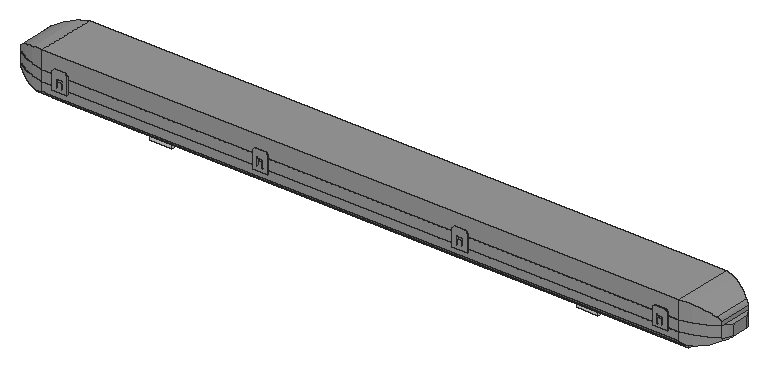
Revit family "10314", category Lighting Fixtures, host Face, Revit 2018
Family settings
  Host = Face
  Round Connector Dimension = Use Diameter
  Part Type = Normal
  OmniClass Number = 23.80.70.00
  OmniClass Title = Lighting
  Cut with Voids When Loaded = No
  Light Source = Yes
  Shared = No
  Room Calculation Point = No
Parameters (values of type "0010314 RESISTO GRP 1200 IP66 3400LM 840")
  mounting point length = 1050 mm
  Weight = "n/a"
  Wattage Comments = ""
  Wattage = 9.2903 W
  WarrantyStartDate [instance] = "n/a"
  WarrantyGuarantorParts = "n/a"
  WarrantyDurationUnit = "n/a"
  WarrantyDurationParts = ""
  WarrantyDescription = "http://www.sylvania-lighting.com"
  built-in parameter 1150110 = 1 (stored number, unit not read)
  Voltage = 0 V
  URL = "1"
  TypeName = "Resisto GRP 1200 IP66 3400lm 840"
  Type Image = <None>
  Type Comments = "n/a"
  built-in parameter 1114217 = 1 (stored number, unit not read)
  Tilt Angle = 60.00°
  built-in parameter 1150109 = 1 (stored number, unit not read)
  built-in parameter 1150134 = 3
  built-in parameter 1150113 = 1 (stored number, unit not read)
  SerialNumber [instance] = "n/a"
  Photometric Web File = "0010314.IES"
  Material_3_SYL = none
  PowerFactor = 0
  PowerConsumption = "Lighting"
  NominalLength = 1174 mm
  NominalHeight = 90 mm
  NominalDepth = 100 mm
  Name = "Resisto GRP 1200 IP66 3400lm 840"
  ModelReference = Name  # "Resisto GRP 1200 IP66 3400lm 840"
  ModelNumber = "0010314"
  Model = Name  # "Resisto GRP 1200 IP66 3400lm 840"
  Material = "Feilo Sylvania"
  ManufacturerName = "142 lm/W"
  Manufacturer = ""
  LuminousEfficacy = ""
  built-in parameter 1150105 = 109.82 (stored number, unit not read)
  Lumens = 1380 lm
  LuminaireType = "0"
  built-in parameter 1150115 = 1 (stored number, unit not read)
  LightOutputRatio = "LED"
  built-in parameter 1150137 = (empty or 0)
  built-in parameter 1150139 = (empty or 0)
  LampsType = Lamp  # "n/a"
  LampNominalLuminous = "4000 K"
  LampMacAdamStep = "80"
  LampColourTemperature = "LED"
  LampColourRenderingIndex = "16500"
  built-in parameter 1150112 = 1 (stored number, unit not read)
  built-in parameter 1150114 = 1 (stored number, unit not read)
  Lamp = "n/a"
  Keynote = "n/a"
  InstallationDate [instance] = "n/a"
  InputVoltage = "0"
  InputNominalFrequency = "4000"
  built-in parameter 1150132 = (empty or 0)
  built-in parameter 1150102 = (empty or 0)
  built-in parameter 1150107 = 3200 (stored number, unit not read)
  built-in parameter 1150138 = (empty or 0)
  IngressProtection = "IfcLightFixtureType"
  ImpactProtectionIndex = "IfcLightFixtureType"
  built-in parameter 1150106 = 1.0982 (stored number, unit not read)
  IfcExportType = "IfcLightFixtureType"
  IfcExportAs = "Class I"
  ElectricShockClassification = "142"
  built-in parameter 1150104 = 13.8 (stored number, unit not read)
  DocumentationLiterature = "http://www.sylvania-lighting.com/product/en-int/products/0010314"
  DimmingControlOptions = "n/a"
  Material_2_SYL = none
  Dimming Lamp Color Temperature Shift = <None>
  Description = "Resisto GRP, integrated LED weatherproof luminaire, with smooth body finish optimized for LEDs with flat diffuser, easy to handle. Stainless steel diffuser clips and fixing brackets for surface mounting. The luminaire benefits from a water and dust resistant GRP body and PMMA diffuser. 3400lm; 24W; 142lm/W; 4000K; SDCM<4; non dimmable;  CRI80; IP66; IK02; Class I; 72,000hrs (L80B20) lifespan;  1174mm x 90mm x 120mm; D-mark."
  Default Elevation = 1219.2 mm
  CreatedOn = "13/12/2022"
  CreatedBy = "@sylvania-lighting.com"
  Cost = 0
  Color Filter = 16777215
  built-in parameter 1114216 [instance] = (empty or 0)
  ClassificationValue = "EF_70_80"
  ClassificationName = "Uniclass2015"
  Material_1_SYL = none
  BarCode [instance] = "n/a"
  built-in parameter 1114218 = 1 (stored number, unit not read)
  built-in parameter 1150133 = 10 (stored number, unit not read)
  AssetType = "Fixed"
  AssetIdentifier [instance] = "n/a"
  Assembly Code = "D5020200"
  Apparent Load = 24 VA
  Material_4_SYL = none
Reference planes
  plane 1 "Center (Front/Back)": y = 0
  plane 2: z = 0
  plane 3 "Center (Left/Right)": x = 0
  plane 4: y = 50
  plane 5: y = -50
  plane 6: z = 10
  plane 7: y = 26.5
  plane 8: y = -26.5
  plane 9: y = 42.5
  plane 10: y = -42.5
  plane 11: z = 25
  plane 12: z = 43
  plane 13: z = 29
  plane 14: y = -38.5
  plane 15: y = 38.5
  plane 16: y = 7.5
  plane 17: z = 52
  plane 18: y = 28
  plane 19: y = -28
  plane 20: z = 38
  plane 21: y = -43.5
  plane 22: z = 90
  plane 23: y = -21.5
  plane 24: y = 21.5
  plane 25: y = -49
  plane 26: y = 49
  plane 27: x = -587
  plane 28: x = 587
  plane 29: x = -525
  plane 30: x = 525
  plane 31: x = -370
  plane 32: x = -152
  plane 33: x = 152
  plane 34: x = 370
  plane 35: x = -508
  plane 36: x = 508
  plane 37: z = 74
  plane 38: x = -578
  plane 39: y = 13
Forms (mm)
  Extrusion 1, solid, material "GFRP", detail levels medium+fine
    sketch origin (0, 0, 0) x (1, 0, 0) y (0, 1, 0)
      loop
        line (-525, 28) -> (-525, -28) -> (525, -28) -> (525, 28) -> (-525, 28)
    from 10 to 38
  Extrusion 2, solid, material "GFRP", detail levels medium+fine
    sketch origin (111, 1524, 1219.2) x (0, 1, 0) y (0, 0, 1)
      loop
        line (-1475, -1176.2) -> (-1573, -1176.2) -> (-1573, -1190.2)
        arc (-1573, -1190.2) -> (-1571.828, -1193.028) -> (-1569, -1194.2) r 4
        line (-1569, -1194.2) -> (-1479, -1194.2)
        arc (-1479, -1194.2) -> (-1476.172, -1193.028) -> (-1475, -1190.2) r 4
        line (-1475, -1190.2) -> (-1475, -1176.2)
    from -698 to 476
  Extrusion 3, solid, material "GFRP", detail levels medium+fine
    sketch origin (0, 0, 0) x (1, 0, 0) y (0, 1, 0)
      loop
        line (-587, 49) -> (-587, -49) -> (587, -49) -> (587, 49) -> (-587, 49)
    from 43 to 61
  Extrusion 4, solid, detail levels medium+fine
    sketch origin (145.995, 0, 0) x (1, 0, 0) y (0, 0, 1)
      loop
        line (-515.995, 10) -> (-515.995, 0) -> (-479.995, 0) -> (-479.995, 10) -> (-515.995, 10)
    from -21.5 to 21.5
  Extrusion 5, solid, detail levels medium+fine
    sketch origin (870.518, 0, 0) x (1, 0, 0) y (0, 0, 1)
      loop
        line (-536.5, 10) -> (-536.5, 0) -> (-500.5, 0) -> (-500.5, 10) -> (-536.5, 10)
    from -21.5 to 21.5
  Extrusion 6, solid, material "Aluminum", detail levels fine
    sketch origin (-1120.539, 0, 108) x (-1, 0, 0) y (0, 0, -1)
      loop
        line (-637.458, 70) -> (-637.458, 42) -> (-633.458, 38) -> (-616.458, 38) -> (-612.458, 42) -> (-612.458, 70) -> (-637.458, 70)
    from -50 to 50
  Extrusion 7, void
    sketch origin (-1120.451, 0, 101.885) x (-0.999999, 0, 0.001417) y (-0.001417, 0, -0.999999)
      loop
        line (-627.942, 57) -> (-629.942, 57) -> (-629.942, 44) -> (-619.958, 44) -> (-619.958, 57) -> (-621.958, 57) -> (-621.958, 49) -> (-627.942, 49) -> (-627.942, 57)
    from -67.775 to 69.465
  Extrusion 8, solid, not visible
    sketch origin (-1249.916, 0, 108) x (-1, 0, 0) y (0, 0, -1)
      loop
        line (-637.458, 70) -> (-637.458, 42) -> (-633.458, 38) -> (-616.458, 38) -> (-612.458, 42) -> (-612.458, 70) -> (-637.458, 70)
    from 42.5 to 43.5
  Extrusion 9, void, not visible
    sketch origin (-1249.828, 0, 101.885) x (-0.999999, 0, 0.001417) y (-0.001417, 0, -0.999999)
      loop
        line (-627.942, 57) -> (-629.942, 57) -> (-629.942, 44) -> (-619.958, 44) -> (-619.958, 57) -> (-621.958, 57) -> (-621.958, 49) -> (-627.942, 49) -> (-627.942, 57)
    from 42.5 to 47.214
  Extrusion 10, solid, material "Aluminum", detail levels fine
    sketch origin (-130.171, 0, 108) x (-1, 0, 0) y (0, 0, -1)
      loop
        line (-637.458, 70) -> (-637.458, 42) -> (-633.458, 38) -> (-616.458, 38) -> (-612.458, 42) -> (-612.458, 70) -> (-637.458, 70)
    from -50 to 50
  Extrusion 11, void
    sketch origin (-130.083, 0, 101.885) x (-0.999999, 0, 0.001417) y (-0.001417, 0, -0.999999)
      loop
        line (-627.942, 57) -> (-629.942, 57) -> (-629.942, 44) -> (-619.958, 44) -> (-619.958, 57) -> (-621.958, 57) -> (-621.958, 49) -> (-627.942, 49) -> (-627.942, 57)
    from -50 to 50
  Extrusion 12, solid, material "Aluminum", detail levels fine
    sketch origin (-789.572, 0, 108) x (-1, 0, 0) y (0, 0, -1)
      loop
        line (-637.458, 70) -> (-637.458, 42) -> (-633.458, 38) -> (-616.458, 38) -> (-612.458, 42) -> (-612.458, 70) -> (-637.458, 70)
    from -50 to 50
  Extrusion 13, void
    sketch origin (-789.484, 0, 101.885) x (-0.999999, 0, 0.001417) y (-0.001417, 0, -0.999999)
      loop
        line (-627.942, 57) -> (-629.942, 57) -> (-629.942, 44) -> (-619.958, 44) -> (-619.958, 57) -> (-621.958, 57) -> (-621.958, 49) -> (-627.942, 49) -> (-627.942, 57)
    from -50 to 50
  Extrusion 14, solid, material "Aluminum", detail levels fine
    sketch origin (809.037, 0, 108) x (1, 0, 0) y (0, 0, -1)
      loop
        line (-656.958, 70) -> (-656.958, 42) -> (-652.958, 38) -> (-635.958, 38) -> (-631.958, 42) -> (-631.958, 70) -> (-656.958, 70)
    from -50 to 50
  Extrusion 15, void
    sketch origin (808.949, 0, 101.885) x (0.999999, 0, 0.001417) y (0.001417, 0, -0.999999)
      loop
        line (-647.442, 56.972) -> (-649.442, 56.972) -> (-649.442, 43.972) -> (-639.458, 43.972) -> (-639.458, 56.972) -> (-641.458, 56.972) -> (-641.458, 48.972) -> (-647.442, 48.972) -> (-647.442, 56.972)
    from 50 to -50
  Extrusion 16, solid, material "Glass, White, High Luminance", detail levels medium+fine
    sketch origin (0, 0, 0) x (1, 0, 0) y (0, 0, 1)
      loop
        line (-525, 61) -> (525, 61) -> (525, 65.032) -> (-525, 65.032) -> (-525, 61)
    from -38.5 to 38.5
  Extrusion 17, solid, material "Plastic, Opaque White", detail levels medium+fine
    sketch origin (0, 0, 0) x (1, 0, 0) y (0, 0, 1)
      loop
        line (-587, 90) -> (-587, 61) -> (587, 61) -> (587, 90) -> (-587, 90)
    from -49 to 49
  Extrusion 18, solid, detail levels coarse
    sketch origin (0, 0, 0) x (1, 0, 0) y (0, 0, 1)
      loop
        line (-587, 90) -> (-587, 0) -> (587, 0) -> (587, 90) -> (-587, 90)
    from -50 to 50
  Extrusion 19, void
    sketch origin (0, 0, 0) x (1, 0, 0) y (0, 0, 1)
      loop
        line (-587, 61) -> (-578, 61) -> (-578, 66.823)
        arc (-578, 66.823) -> (-575.979, 70.776) -> (-572.783, 73.858) r 13.475
        arc (-572.783, 73.858) -> (-550.012, 85.246) -> (-525, 90) r 92.577
        line (-525, 90) -> (-587, 90) -> (-587, 61)
    from -86.384 to 100
  Extrusion 20, void
    sketch origin (0, 0, 0) x (1, 0, 0) y (0, 0, 1)
      loop
        line (-587, 43) -> (-587, 25) -> (-525, 25)
        arc (-525, 25) -> (-557.28, 29.591) -> (-587, 43) r 115.778
    from -125.966 to 100
  Extrusion 21, void
    sketch origin (0, 0, 0) x (-1, 0, 0) y (0, 0, -1)
      loop
        line (-587, -61) -> (-587, -90) -> (-525, -90)
        arc (-525, -90) -> (-550.012, -85.246) -> (-572.783, -73.858) r 92.577
        arc (-572.783, -73.858) -> (-575.979, -70.776) -> (-578, -66.823) r 13.475
        line (-578, -66.823) -> (-578, -61) -> (-587, -61)
    from -85.984 to 100
  Extrusion 22, void
    sketch origin (0, 0, 0) x (-1, 0, 0) y (0, 0, -1)
      loop
        arc (-587, -43) -> (-557.28, -29.591) -> (-525, -25) r 115.778
        line (-525, -25) -> (-587, -25) -> (-587, -43)
    from -203.858 to 100
  Extrusion 23, void
    sketch origin (0, 0, 0) x (1, 0, 0) y (0, 1, 0)
      loop
        line (-525, 49) -> (-587, 49) -> (-587, 13)
        arc (-587, 13) -> (-583.686, 20.541) -> (-578, 26.5) r 23.8
        arc (-578, 26.5) -> (-552.819, 40.858) -> (-525, 49) r 124.427
    from 0 to 100
  Extrusion 24, void
    sketch origin (0, 0, 0) x (1, 0, 0) y (0, 1, 0)
      loop
        arc (-525, -49) -> (-552.819, -40.858) -> (-578, -26.5) r 124.427
        arc (-578, -26.5) -> (-583.686, -20.541) -> (-587, -13) r 23.8
        line (-587, -13) -> (-587, -49) -> (-525, -49)
    from 0 to 100
  Extrusion 25, void
    sketch origin (0, 0, 0) x (-1, 0, 0) y (0, -1, 0)
      loop
        arc (-525, -49) -> (-552.819, -40.858) -> (-578, -26.5) r 124.427
        arc (-578, -26.5) -> (-583.686, -20.541) -> (-587, -13) r 23.8
        line (-587, -13) -> (-587, -49) -> (-525, -49)
    from 0 to 100
  Extrusion 26, void
    sketch origin (0, 0, 0) x (-1, 0, 0) y (0, -1, 0)
      loop
        line (-525, 49) -> (-587, 49) -> (-587, 13)
        arc (-587, 13) -> (-583.686, 20.541) -> (-578, 26.5) r 23.8
        arc (-578, 26.5) -> (-552.819, 40.858) -> (-525, 49) r 124.427
    from 0 to 100
Cuts and joins
  Extrusion 7, Extrusion 11, Extrusion 13 cuts Extrusion 6
  Extrusion 11 cuts Extrusion 10
  Extrusion 13, Extrusion 15 cuts Extrusion 12
  Extrusion 15 cuts Extrusion 14
  Extrusion 7, Extrusion 11, Extrusion 13, Extrusion 15 cuts Extrusion 1
  Extrusion 19, Extrusion 21, Extrusion 23, Extrusion 24, Extrusion 25, Extrusion 26 cuts Extrusion 3
  Extrusion 19, Extrusion 21, Extrusion 23, Extrusion 24, Extrusion 25, Extrusion 26 cuts Extrusion 17
  Extrusion 20, Extrusion 22, Extrusion 23, Extrusion 24, Extrusion 25, Extrusion 26 cuts Extrusion 2
Dimensions and locks
  "NominalDepth": plane 4 to plane 5
  equal spacing: plane 4, plane 1 "Center (Front/Back)", plane 5
  plane 6 to level = 10 mm
  "NominalHeight": plane 22 to host face
  "NominalLength": plane 27 to plane 28
  equal spacing: plane 27, plane 3 "Center (Left/Right)", plane 28
  "mounting point length": plane 29 to plane 30
  equal spacing: plane 29, plane 3 "Center (Left/Right)", plane 30
  aligned and locked: plane 2 to host face
  aligned and locked: level to host face
Automatic sketch dimensions
  Extrusion 9 sketch curve to Extrusion 9 sketch curve = 2 mm  (x2)
  Extrusion 9 sketch curve to Extrusion 9 sketch curve = 5.984 mm
  Extrusion 9 sketch curve to Extrusion 9 sketch curve = 0 mm
  Extrusion 9 sketch curve to Extrusion 9 sketch curve = 8 mm
  Extrusion 9 sketch curve to Extrusion 9 sketch curve = 5 mm
  Extrusion 8 sketch curve to Extrusion 8 sketch curve = 4 mm  (x3)
  Extrusion 8 sketch curve to Extrusion 8 sketch curve = 17 mm
  Extrusion 8 sketch curve to Extrusion 8 sketch curve = 25 mm
  Extrusion 8 sketch curve to Extrusion 8 sketch curve = 28 mm
  host sketch curve to host sketch curve = 2438.4 mm  (x2)
  Extrusion 1 sketch curve to plane 19 = 0 mm
  Extrusion 1 sketch curve to plane 29 = 0 mm
  Extrusion 1 sketch curve to plane 30 = 0 mm
  Extrusion 1 sketch curve to plane 18 = 0 mm
  Extrusion 2 sketch curve to plane 12 = 0 mm
  Extrusion 2 sketch curve to plane 25 = 0 mm
  Extrusion 2 sketch curve to plane 11 = 0 mm
  Extrusion 2 sketch curve to plane 13 = 0 mm  (x2)
  Extrusion 2 sketch curve to plane 26 = 0 mm
  plane 25 to Extrusion 3 sketch curve = 0 mm
  Extrusion 3 sketch curve to plane 27 = 0 mm
  Extrusion 3 sketch curve to plane 28 = 0 mm
  plane 26 to Extrusion 3 sketch curve = 0 mm
  Extrusion 4 sketch curve to level = 0 mm
  Extrusion 4 sketch curve to plane 31 = 0 mm
  Extrusion 4 sketch curve to plane 6 = 0 mm
  Extrusion 4 sketch curve to Extrusion 4 sketch curve = 36 mm
  Extrusion 5 sketch curve to level = 0 mm
  Extrusion 5 sketch curve to plane 6 = 0 mm
  Extrusion 5 sketch curve to plane 34 = 35.982 mm
  plane 34 to Extrusion 5 sketch curve = 0.018 mm
  Extrusion 6 sketch curve to plane 20 = 0 mm
  plane 35 to Extrusion 6 sketch curve = 24.919 mm
  Extrusion 6 sketch curve to Extrusion 6 sketch curve = 4 mm
  plane 35 to Extrusion 6 sketch curve = 3.919 mm
  Extrusion 6 sketch curve to plane 35 = 0.081 mm
  Extrusion 6 sketch curve to plane 37 = 8 mm  (x2)
  Extrusion 6 sketch curve to plane 37 = 4 mm
  plane 12 to Extrusion 7 sketch curve = 0.993 mm
  plane 35 to Extrusion 7 sketch curve = 17.41 mm
  Extrusion 7 sketch curve to Extrusion 7 sketch curve = 2 mm  (x2)
  Extrusion 7 sketch curve to Extrusion 7 sketch curve = 5.984 mm
  Extrusion 7 sketch curve to Extrusion 7 sketch curve = 0 mm
  Extrusion 7 sketch curve to Extrusion 7 sketch curve = 8 mm
  Extrusion 7 sketch curve to Extrusion 7 sketch curve = 5 mm
  Extrusion 10 sketch curve to plane 20 = 0 mm
  Extrusion 10 sketch curve to plane 36 = 0.713 mm
  Extrusion 10 sketch curve to plane 36 = 4.713 mm
  Extrusion 10 sketch curve to plane 37 = 4 mm
  Extrusion 10 sketch curve to Extrusion 10 sketch curve = 17 mm
  Extrusion 10 sketch curve to Extrusion 10 sketch curve = 25 mm
  Extrusion 10 sketch curve to Extrusion 10 sketch curve = 4 mm  (x2)
  plane 12 to Extrusion 11 sketch curve = 0.993 mm
  Extrusion 11 sketch curve to plane 36 = 8.222 mm
  Extrusion 11 sketch curve to Extrusion 11 sketch curve = 2 mm  (x2)
  Extrusion 11 sketch curve to Extrusion 11 sketch curve = 5.984 mm
  Extrusion 11 sketch curve to Extrusion 11 sketch curve = 0 mm
  Extrusion 11 sketch curve to Extrusion 11 sketch curve = 8 mm
  Extrusion 11 sketch curve to Extrusion 11 sketch curve = 5 mm
  Extrusion 12 sketch curve to plane 20 = 0 mm
  Extrusion 12 sketch curve to plane 32 = 0.114 mm
  Extrusion 12 sketch curve to plane 32 = 4.114 mm
  Extrusion 12 sketch curve to plane 37 = 4 mm
  Extrusion 12 sketch curve to Extrusion 12 sketch curve = 17 mm
  Extrusion 12 sketch curve to Extrusion 12 sketch curve = 25 mm
  Extrusion 12 sketch curve to Extrusion 12 sketch curve = 4 mm  (x2)
  plane 12 to Extrusion 13 sketch curve = 0.993 mm
  Extrusion 13 sketch curve to plane 32 = 7.624 mm
  Extrusion 13 sketch curve to Extrusion 13 sketch curve = 2 mm  (x2)
  Extrusion 13 sketch curve to Extrusion 13 sketch curve = 5.984 mm
  Extrusion 13 sketch curve to Extrusion 13 sketch curve = 0 mm
  Extrusion 13 sketch curve to Extrusion 13 sketch curve = 8 mm
  Extrusion 13 sketch curve to Extrusion 13 sketch curve = 5 mm
  Extrusion 14 sketch curve to plane 20 = 0 mm
  plane 33 to Extrusion 14 sketch curve = 0.08 mm
  plane 33 to Extrusion 14 sketch curve = 4.08 mm
  Extrusion 14 sketch curve to plane 37 = 4 mm
  Extrusion 14 sketch curve to Extrusion 14 sketch curve = 17 mm
  Extrusion 14 sketch curve to Extrusion 14 sketch curve = 25 mm
  Extrusion 14 sketch curve to Extrusion 14 sketch curve = 4 mm  (x2)
  plane 12 to Extrusion 15 sketch curve = 0.993 mm
  plane 33 to Extrusion 15 sketch curve = 7.589 mm
  Extrusion 15 sketch curve to Extrusion 15 sketch curve = 2 mm  (x2)
  Extrusion 15 sketch curve to Extrusion 15 sketch curve = 5.984 mm
  Extrusion 15 sketch curve to Extrusion 15 sketch curve = 0 mm
  Extrusion 15 sketch curve to Extrusion 15 sketch curve = 8 mm
  Extrusion 15 sketch curve to Extrusion 15 sketch curve = 5 mm
  plane 29 to Extrusion 16 sketch curve = 0 mm
  plane 30 to Extrusion 16 sketch curve = 0 mm
  plane 17 to Extrusion 16 sketch curve = 9 mm
  Extrusion 16 sketch curve to Extrusion 16 sketch curve = 4.032 mm
  Extrusion 17 sketch curve to plane 27 = 0 mm
  Extrusion 17 sketch curve to plane 28 = 0 mm
  Extrusion 17 sketch curve to plane 22 = 0 mm
  plane 17 to Extrusion 17 sketch curve = 9 mm
  Extrusion 18 sketch curve to level = 0 mm
  Extrusion 18 sketch curve to plane 27 = 0 mm
  Extrusion 18 sketch curve to plane 28 = 0 mm
  Extrusion 18 sketch curve to plane 22 = 0 mm
  Extrusion 19 sketch curve to plane 27 = 0 mm
  Extrusion 19 sketch curve to plane 38 = 0 mm
  Extrusion 19 sketch curve to plane 22 = 0 mm
  plane 29 to Extrusion 19 sketch curve = 0 mm
  plane 38 to Extrusion 19 sketch curve = 12.844 mm
  Extrusion 19 sketch curve to plane 29 = 4.618 mm
  Extrusion 19 sketch curve to plane 37 = 7.177 mm
  plane 17 to Extrusion 19 sketch curve = 10.749 mm
  plane 17 to Extrusion 19 sketch curve = 9 mm
  Extrusion 19 sketch curve to level = 2.462 mm
  Extrusion 20 sketch curve to plane 11 = 0 mm
  Extrusion 20 sketch curve to plane 27 = 0 mm
  plane 29 to Extrusion 20 sketch curve = 0 mm
  Extrusion 20 sketch curve to plane 12 = 0 mm
  Extrusion 21 sketch curve to plane 28 = 0 mm
  Extrusion 21 sketch curve to plane 22 = 0 mm
  plane 30 to Extrusion 21 sketch curve = 0 mm
  Extrusion 21 sketch curve to Extrusion 21 sketch curve = 9 mm
  Extrusion 21 sketch curve to Extrusion 21 sketch curve = 12.844 mm
  Extrusion 21 sketch curve to plane 30 = 4.618 mm
  plane 37 to Extrusion 21 sketch curve = 7.177 mm
  Extrusion 21 sketch curve to plane 17 = 10.749 mm
  Extrusion 21 sketch curve to plane 17 = 9 mm
  level to Extrusion 21 sketch curve = 2.462 mm
  Extrusion 22 sketch curve to plane 11 = 0 mm
  Extrusion 22 sketch curve to plane 28 = 0 mm
  plane 30 to Extrusion 22 sketch curve = 0 mm
  Extrusion 22 sketch curve to plane 12 = 0 mm
  plane 26 to Extrusion 23 sketch curve = 0 mm
  Extrusion 23 sketch curve to plane 27 = 0 mm
  Extrusion 23 sketch curve to plane 7 = 0 mm  (x2)
  Extrusion 23 sketch curve to plane 38 = 0 mm
  Extrusion 23 sketch curve to plane 29 = 0 mm
  Extrusion 23 sketch curve to plane 39 = 0 mm
  Extrusion 23 sketch curve to plane 1 "Center (Front/Back)" = 7.339 mm
  plane 25 to Extrusion 24 sketch curve = 0 mm
  Extrusion 24 sketch curve to plane 27 = 0 mm
  plane 8 to Extrusion 24 sketch curve = 0 mm  (x2)
  Extrusion 24 sketch curve to plane 38 = 0 mm
  Extrusion 24 sketch curve to plane 29 = 0 mm
  Extrusion 24 sketch curve to plane 1 "Center (Front/Back)" = 7.339 mm
  Extrusion 24 sketch curve to Extrusion 24 sketch curve = 14.117 mm
  plane 26 to Extrusion 25 sketch curve = 0 mm
  Extrusion 25 sketch curve to plane 28 = 0 mm
  Extrusion 25 sketch curve to plane 7 = 0 mm  (x2)
  Extrusion 25 sketch curve to plane 30 = 0 mm
  plane 39 to Extrusion 25 sketch curve = 0 mm
  plane 16 to Extrusion 25 sketch curve = 0.161 mm
  Extrusion 25 sketch curve to Extrusion 25 sketch curve = 23.117 mm
  plane 25 to Extrusion 26 sketch curve = 0 mm
  Extrusion 26 sketch curve to plane 28 = 0 mm
  plane 8 to Extrusion 26 sketch curve = 0 mm  (x2)
  Extrusion 26 sketch curve to plane 30 = 0 mm
  plane 1 "Center (Front/Back)" to Extrusion 26 sketch curve = 7.339 mm
  Extrusion 26 sketch curve to plane 28 = 23.117 mm
  Extrusion 26 sketch curve to plane 36 = 3.803 mm
Connectors
  electrical at (0, 0, 0), driven by "Apparent Load", driven by "PowerFactor", driven by "Voltage"
    settings: index 1, voltage 0 V, apparent load 24 VA, apparent load phase1 0 VA, apparent load phase2 0 VA, apparent load phase3 0 VA, power factor 0, load classification "Lighting", number of poles 1, system type 30, power factor state 1, is connector primary yes, connector utility no, sub classification motor no, connector description ""
